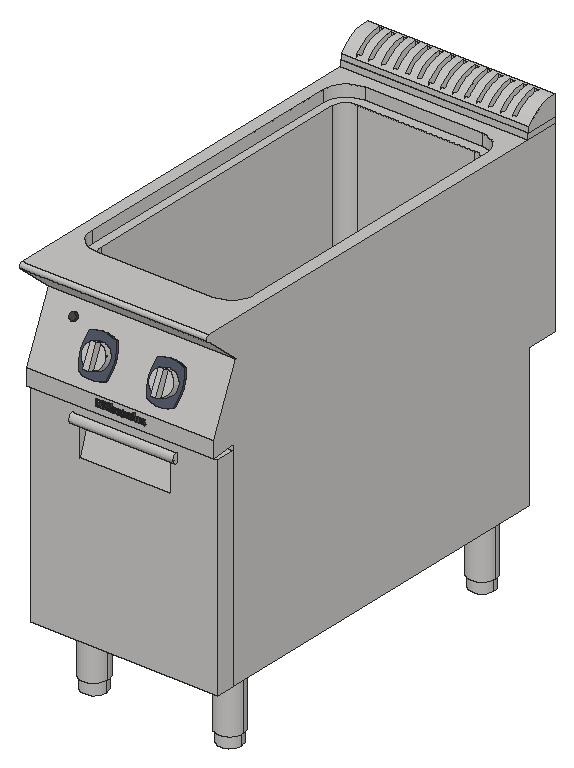
Revit family "QF_ELECTROLUXPROFESSIONAL_391126_E9PCED1MF0", category Specialty Equipment, Revit 2018 (continued)
Automatic sketch dimensions
  Extrusion 23 sketch curve to Extrusion 23 sketch curve = 46.691 mm
  Extrusion 23 sketch curve to plane 18 = 17.95 mm
  Extrusion 25 sketch curve to Extrusion 25 sketch curve = 24.732 mm
  Extrusion 25 sketch curve to Extrusion 25 sketch curve = 0 mm
  curve 68 to curve 93 = 0 mm  (x3)
  curve 70 to curve 76 = 0 mm
  curve 72 to curve 78 = 0 mm  (x2)
  curve 74 to curve 80 = 0 mm  (x4)
  curve 76 to curve 91 = 0 mm  (x2)
  curve 82 to curve 93 = 0 mm  (x4)
  curve 84 to curve 88 = 0 mm  (x4)
  curve 85 to curve 89 = 0 mm
  plane 1 "BACK" to curve 10 = 0 mm
  curve 10 to plane 4 "RIGHT" = 0 mm
  curve 7 to plane 4 "RIGHT" = 0 mm
  plane 5 "FRONT" to curve 8 = 0 mm
  plane 13 to curve 79 = 0 mm
  curve 9 to plane 3 "LEFT" = 0 mm
  plane 5 "FRONT" to curve 1 = 0 mm
  plane 5 "FRONT" to curve 3 = 0 mm
  curve 71 to plane 4 "RIGHT" = 25 mm
  plane 1 "BACK" to curve 63 = 6.761 mm
  plane 15 to curve 63 = 25.347 mm
  curve 63 to curve 64 = 9.296 mm
  plane 15 to curve 76 = 10 mm
  plane 15 to curve 62 = 0.859 mm
  curve 61 to plane 19 = 1.781 mm
  curve 90 to plane 19 = 0.218 mm
  plane 19 to curve 8 = 8.022 mm
  plane 19 to curve 70 = 9.782 mm
  plane 19 to curve 89 = 9.782 mm
  plane 19 to curve 79 = 9.782 mm
  plane 1 "BACK" to curve 58 = 6.761 mm
  plane 19 to curve 58 = 14.412 mm
  curve 57 to curve 56 = 9.296 mm
  curve 56 to curve 54 = 16.193 mm
  curve 53 to curve 52 = 9.296 mm
  plane 1 "BACK" to curve 50 = 6.761 mm
  curve 51 to curve 50 = 16.193 mm
  curve 47 to curve 48 = 9.296 mm
  curve 46 to plane 18 = 11.905 mm
  curve 44 to plane 18 = 2.61 mm
  plane 18 to curve 42 = 13.583 mm
  plane 7 "Center Y" to curve 39 = 8.121 mm
  curve 38 to plane 7 "Center Y" = 8.071 mm
  curve 37 to curve 36 = 9.296 mm
  plane 1 "BACK" to curve 34 = 6.761 mm
  curve 35 to curve 34 = 16.193 mm
  curve 33 to curve 32 = 9.296 mm
  plane 1 "BACK" to curve 30 = 6.761 mm
  curve 31 to curve 30 = 16.193 mm
  curve 29 to curve 28 = 9.296 mm
  curve 28 to curve 26 = 16.193 mm
  curve 25 to curve 24 = 9.296 mm
  curve 24 to curve 22 = 16.193 mm
  curve 19 to curve 20 = 9.296 mm
  plane 16 to curve 7 = 3.881 mm
  curve 15 to plane 16 = 0.809 mm
  plane 1 "BACK" to curve 14 = 6.761 mm
  curve 15 to curve 14 = 16.193 mm
  curve 13 to curve 12 = 9.296 mm
  curve 7 to curve 4 = 4.082 mm
  plane 1 "BACK" to curve 62 = 6.761 mm
  plane 1 "BACK" to curve 54 = 6.761 mm
  plane 1 "BACK" to curve 15 = 6.761 mm
  plane 1 "BACK" to curve 46 = 6.761 mm
  plane 1 "BACK" to curve 19 = 6.761 mm
  plane 1 "BACK" to curve 42 = 6.761 mm
  plane 1 "BACK" to curve 23 = 6.761 mm
  plane 1 "BACK" to curve 38 = 6.761 mm
  curve 27 to curve 30 = 57.15 mm
  curve 29 to curve 33 = 0 mm
  curve 33 to curve 36 = 0 mm
  curve 26 to curve 28 = 0 mm
  curve 37 to curve 40 = 0 mm
  curve 22 to curve 24 = 0 mm
  curve 41 to curve 44 = 0 mm
  curve 18 to curve 20 = 0 mm
  curve 45 to curve 48 = 0 mm
  curve 14 to curve 16 = 0 mm
  curve 49 to curve 52 = 0 mm
  curve 53 to curve 61 = 0 mm
  curve 61 to curve 64 = 0 mm
  curve 53 to curve 56 = 0 mm
  curve 12 to curve 9 = 7.979 mm
  curve 69 to plane 12 = 24.11 mm
  curve 86 to curve 68 = 0 mm
  curve 89 to plane 8 "Center X" = 141.643 mm
  curve 7 to curve 5 = 57 mm
  plane 16 to Extrusion 2 sketch curve = 20 mm
  plane 13 to Extrusion 2 sketch curve = 20 mm
  curve 68 to curve 82 = 0 mm  (x2)
  plane 16 to curve 68 = 20 mm
  plane 16 to curve 79 = 20 mm
  plane 16 to curve 83 = 20 mm
  plane 16 to curve 86 = 10 mm
  plane 16 to curve 18 = 8.487 mm
  plane 16 to Extrusion 13 sketch curve = 8.487 mm
  Extrusion 13 sketch curve to Extrusion 13 sketch curve = 17.193 mm
  plane 16 to Extrusion 15 sketch curve = 20 mm
  plane 16 to Extrusion 16 sketch curve = 20 mm  (x2)
  plane 16 to Extrusion 20 sketch curve = 49.333 mm
  Extrusion 20 sketch curve to Extrusion 20 sketch curve = 28.575 mm
  plane 16 to Extrusion 26 sketch curve = 10 mm
  radius of Extrusion 17 sketch curve = 12.7 mm
  radius of Extrusion 19 sketch curve = 9.525 mm
  radius of Extrusion 21 sketch curve = 25.4 mm
  radius of Extrusion 22 sketch curve to Extrusion 21 = 0 mm  (x2)
  radius of Extrusion 24 sketch curve = 25.4 mm
  radius of Extrusion 25 sketch curve to Extrusion 24 = 0 mm  (x2)
  radius of Extrusion 26 sketch curve = 7.5 mm
  radius of Extrusion 18 sketch curve = 6.35 mm
Connectors
  piping at (232, -780, 176), diameter 25.4
    settings: on Extrusion 17, index 1, connector inside diameter 1", connector length 0 mm, flow factor 0, pipe flow 0 GPM, pressure drop 0.00 psi, fitting loss kfactor 0, connector angle 0.00°, fixture units 0, engagement length 0 mm, angle of deflection 0.00°, flow configuration 1, flow direction 2, fitting loss method 0, system type 16, joint type 0, gender type 0, connector reference index -1, connector utility 0, adjustable connector no, is connector primary yes, connector description "DRAIN"
  piping at (335, -700, 200), diameter 19
    settings: on Extrusion 19, index 3, connector inside diameter 0.74803", connector length 0 mm, flow factor 0, pipe flow 0 GPM, pressure drop 0.00 psi, fitting loss kfactor 0, connector angle 0.00°, fixture units 0, engagement length 0 mm, angle of deflection 0.00°, flow configuration 1, flow direction 1, fitting loss method 0, system type 20, joint type 0, gender type 0, connector reference index -1, connector utility 0, adjustable connector no, is connector primary no, connector description "WATER INLET"
  electrical at (240, -570, 140)
    settings: on Extrusion 18, index 4, voltage 0 V, apparent load 0 VA, apparent load phase1 0 VA, apparent load phase2 0 VA, apparent load phase3 0 VA, power factor 1, load classification "Other", number of poles 1, system type 30, power factor state 1, is connector primary yes, connector utility no, sub classification motor no, connector description ""
